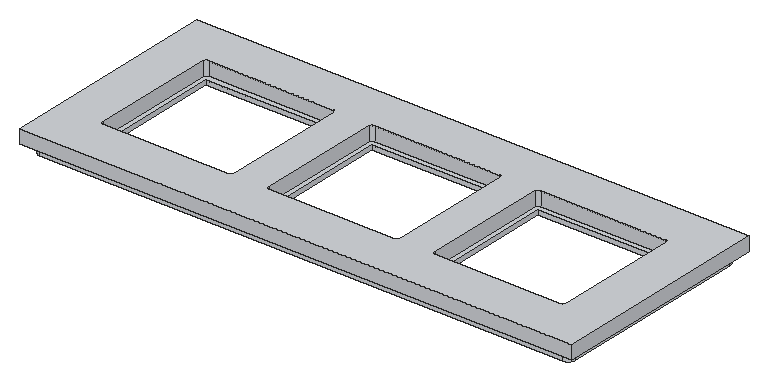
Revit family "Gira_0213226", category Electrical Fixtures, host Face, Revit 2017
Family settings
  Host = Face
  Maintain Annotation Orientation = No
  Round Connector Dimension = Use Diameter
  Part Type = Normal
  Cut with Voids When Loaded = No
  Shared = No
  Room Calculation Point = No
Parameters (values of type "Cov.fr. 3-g Gira Esprit Lin.pwd.anthra.")
  With mounting grid = "No"
  With hinged lid = "No"
  URL = "http://katalog.gira.de/en/datenblatt.html?artikelnr=0213226"
  Type of fastening = "Clamp mounting"
  Transparent = "No"
  Surface protection = "Other"
  Suitable for wall duct = "No"
  Suitable for flush-mounted installation = "Yes"
  Suitable for floor box = "No"
  Suitable for built-in installation = "No"
  Number of units vertical = "3"
  Number of units horizontal = "3"
  Number of units = "3"
  Name = "Cov.fr. 3-g Gira Esprit Lin.pwd.anthra."
  Mounting direction = "Horizontal and vertical"
  Material quality = "Other"
  Material = "Other"
  Manufacturer URL = "https://www.gira.de/"
  Manufacturer = "Gira"
  Label space/information surface = "No"
  Keynote = ""
  HeinzeBIM = "https://bimportal.heinze.de/bim/cov-fr-3-g-gira-esprit-lin-pwd-anthra-/03c892136b9e9616b3138f08b412029184e51398"
  Halogen free = "No"
  HAN = "0213226"
  GTIN = "4010337015895"
  Description = "Cov.fr.3g Espr. LPwAn,Gira Esprit cover frame,linoleum-plywood anthracite,3-gang,Notes :,- Natural product. Colour deviations are possible.,- NCS value: approx. NCS S 8502-B"
  Degree of protection (IP) = "IP20"
  Default Elevation = 1219.2 mm
  Data sheet (1) = "https://katalog.gira.de/en/download.html?artikelnr=0213226"
  Colour = "Other"
  Category = "Cover frame for domestic switching devices"
  BIM (1) = "https://media.stage.bim.site/public/gira/36a6b08/Espr._Rahmen_3fach.rfa"
  Available = "No"
Reference planes
  plane 1 "Center (Front/Back)": y = 0
  plane 2: z = 0
  plane 3 "Center (Left/Right)": x = 0
Forms (mm)
  Extrusion 1, solid, detail levels fine
    sketch origin (0, 0, 0) x (1, 0, 0) y (0, 1, 0)
      loop
        line (-118.4, 47.5) -> (-118.4, -47.5) -> (118.4, -47.5) -> (118.4, 47.5) -> (-118.4, 47.5)
      loop
        arc (-99.5, -26.7) -> (-99.061, -27.761) -> (-98, -28.2) r 1.5
        line (-98, -28.2) -> (-44.6, -28.2)
        arc (-44.6, -28.2) -> (-43.539, -27.761) -> (-43.1, -26.7) r 1.5
        line (-43.1, -26.7) -> (-43.1, 26.7)
        arc (-43.1, 26.7) -> (-43.539, 27.761) -> (-44.6, 28.2) r 1.5
        line (-44.6, 28.2) -> (-98, 28.2)
        arc (-98, 28.2) -> (-99.061, 27.761) -> (-99.5, 26.7) r 1.5
        line (-99.5, 26.7) -> (-99.5, -26.7)
      loop
        arc (-28.2, -26.7) -> (-27.761, -27.761) -> (-26.7, -28.2) r 1.5
        line (-26.7, -28.2) -> (26.7, -28.2)
        arc (26.7, -28.2) -> (27.761, -27.761) -> (28.2, -26.7) r 1.5
        line (28.2, -26.7) -> (28.2, 26.7)
        arc (28.2, 26.7) -> (27.761, 27.761) -> (26.7, 28.2) r 1.5
        line (26.7, 28.2) -> (-26.7, 28.2)
        arc (-26.7, 28.2) -> (-27.761, 27.761) -> (-28.2, 26.7) r 1.5
        line (-28.2, 26.7) -> (-28.2, -26.7)
      loop
        arc (43.1, -26.7) -> (43.539, -27.761) -> (44.6, -28.2) r 1.5
        line (44.6, -28.2) -> (98, -28.2)
        arc (98, -28.2) -> (99.061, -27.761) -> (99.5, -26.7) r 1.5
        line (99.5, -26.7) -> (99.5, 26.7)
        arc (99.5, 26.7) -> (99.061, 27.761) -> (98, 28.2) r 1.5
        line (98, 28.2) -> (44.6, 28.2)
        arc (44.6, 28.2) -> (43.539, 27.761) -> (43.1, 26.7) r 1.5
        line (43.1, 26.7) -> (43.1, -26.7)
    from 0 to 6
  Extrusion 2, solid, detail levels fine
    sketch origin (0, 0, 0) x (1, 0, 0) y (0, 1, 0)
      loop
        line (-97.2, -25.7) -> (-45.4, -25.7) -> (-45.4, 25.7) -> (-97.2, 25.7) -> (-97.2, -25.7)
      loop
        line (97.2, 25.7) -> (45.4, 25.7) -> (45.4, -25.7) -> (97.2, -25.7) -> (97.2, 25.7)
      loop
        arc (-114.002, -41.3) -> (-113.474, -42.573) -> (-112.202, -43.1) r 1.8
        line (-112.202, -43.1) -> (112.202, -43.1)
        arc (112.202, -43.1) -> (113.474, -42.573) -> (114.002, -41.3) r 1.8
        line (114.002, -41.3) -> (114.002, 41.3)
        arc (114.002, 41.3) -> (113.474, 42.573) -> (112.202, 43.1) r 1.8
        line (112.202, 43.1) -> (-112.202, 43.1)
        arc (-112.202, 43.1) -> (-113.474, 42.573) -> (-114.002, 41.3) r 1.8
        line (-114.002, 41.3) -> (-114.002, -41.3)
      loop
        line (25.9, 25.7) -> (-25.9, 25.7) -> (-25.9, -25.7) -> (25.9, -25.7) -> (25.9, 25.7)
    from -1.9 to 0
  Extrusion 3, solid, detail levels fine
    sketch origin (0, 0, 0) x (1, 0, 0) y (0, 1, 0)
      loop
        arc (-112.3, 44.4) -> (-114.421, 43.521) -> (-115.3, 41.4) r 3
        line (-115.3, 41.4) -> (-115.3, -41.4)
        arc (-115.3, -41.4) -> (-114.421, -43.521) -> (-112.3, -44.4) r 3
        line (-112.3, -44.4) -> (112.3, -44.4)
        arc (112.3, -44.4) -> (114.421, -43.521) -> (115.3, -41.4) r 3
        line (115.3, -41.4) -> (115.3, 41.4)
        arc (115.3, 41.4) -> (114.421, 43.521) -> (112.3, 44.4) r 3
        line (112.3, 44.4) -> (-112.3, 44.4)
      loop
        arc (-114.1, -41.4) -> (-113.573, -42.673) -> (-112.3, -43.2) r 1.8
        line (-112.3, -43.2) -> (112.3, -43.2)
        arc (112.3, -43.2) -> (113.573, -42.673) -> (114.1, -41.4) r 1.8
        line (114.1, -41.4) -> (114.1, 41.4)
        arc (114.1, 41.4) -> (113.573, 42.673) -> (112.3, 43.2) r 1.8
        line (112.3, 43.2) -> (-112.3, 43.2)
        arc (-112.3, 43.2) -> (-113.573, 42.673) -> (-114.1, 41.4) r 1.8
        line (-114.1, 41.4) -> (-114.1, -41.4)
    from -3.7 to 0
  Extrusion 4, solid, detail levels medium
    sketch origin (0, 0, 0) x (1, 0, 0) y (0, 1, 0)
      loop
        line (-118.4, 47.5) -> (-118.4, -47.5) -> (118.4, -47.5) -> (118.4, 47.5) -> (-118.4, 47.5)
    from 0 to 6
  Extrusion 5, solid, detail levels medium
    sketch origin (0, 0, 0) x (1, 0, 0) y (0, 1, 0)
      loop
        line (-115.3, 44.4) -> (-115.3, -44.4) -> (115.3, -44.4) -> (115.3, 44.4) -> (-115.3, 44.4)
    from -3.7 to 0
  Extrusion 6, solid, detail levels coarse
    sketch origin (0, 0, 0) x (1, 0, 0) y (0, 1, 0)
      loop
        line (-118.4, 47.5) -> (-118.4, -47.5) -> (118.4, -47.5) -> (118.4, 47.5) -> (-118.4, 47.5)
    from -3.7 to 6
Dimensions and locks
  aligned and locked: plane 2 to host face
  aligned and locked: level to host face
